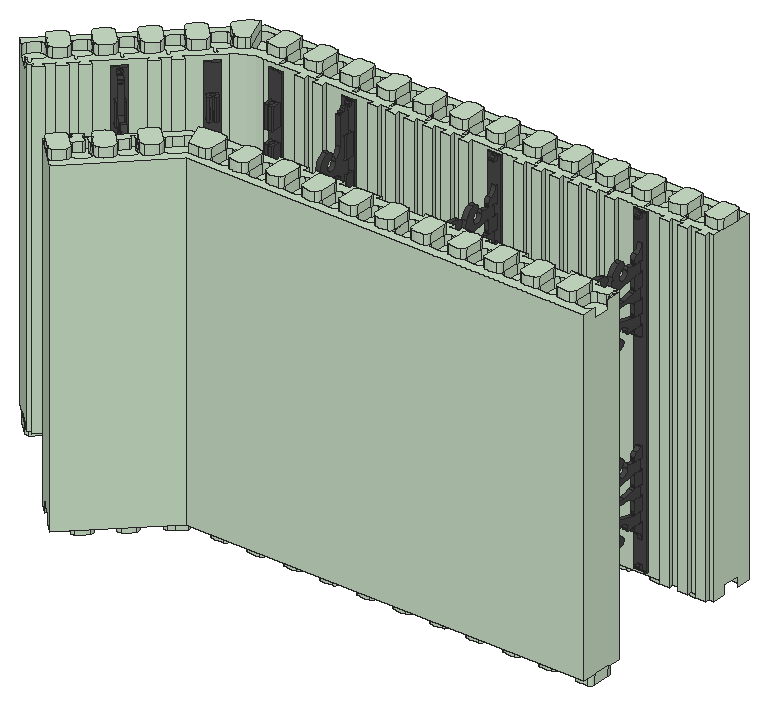
Revit family
Parameters (values of type "6-inch 45 Degree Form Unit")
  URL = "www.nudura.com"
  Overall Form Thickness = 0' - 11 1/4"
  Model = "6-inch 90 Degree Form Unit"
  Manufacturer = "NUDURA Corporation"
  Description = ""
  Concrete Core Thickness = 0' - 6"
  Assembly Code = ""
Reference planes (in)
  plane 1 "Center (Front/Back)": y = 0
  plane 2: z = 0
  plane 3 "Center (Left/Right)": x = 0
  plane 4: y = 3
  plane 5: y = -3
  plane 6: through (-1.24264, 3, 48) normal (0.7071, -0.7071, 0)
  plane 7: through (4.67464, 4.67464, 48) normal (0.7071, -0.7071, 0)
  plane 8: through (6.79596, 2.55332, 48) normal (0.7071, -0.7071, 0)
  plane 9: z = 18
Forms (in)
  Extrusion 1, solid, material "NUDURA Expanded Polystyrene Foam Insulation"
    sketch origin (0, 0, 0) x (1, 0, 0) y (0, 1, 0)
      loop
        line (-2.32995, 5.625) -> (-9.77647, -1.82151) -> (-8.09709, -3.50089) -> (-7.89827, -3.30208) -> (-7.76557, -3.52293) -> (-7.36794, -3.1253) -> (-7.58879, -2.9926) -> (-7.19117, -2.59497) -> (-7.05846, -2.81582) -> (-6.66084, -2.41819) -> (-6.88169, -2.28549) -> (-6.48406, -1.88786) -> (-6.35136, -2.10872) -> (-5.95373, -1.71109) -> (-6.17458, -1.57839) -> (-4.36274, 0.23346) -> (-4.23004, 0.0126) -> (-3.83241, 0.41023) -> (-4.05326, 0.54293) -> (-3.65563, 0.94056) -> (-3.52293, 0.71971) -> (-3.1253, 1.11734) -> (-3.34615, 1.25004) -> (-1.93198, 2.66421)
        arc (-1.93198, 2.66421) -> (-1.28313, 3.09776) -> (-0.51777, 3.25) r 2
        line (-0.51777, 3.25) -> (1.48218, 3.25) -> (1.41984, 3) -> (1.98218, 3) -> (1.91984, 3.25) -> (2.48218, 3.25) -> (2.41984, 3) -> (2.98218, 3) -> (2.91984, 3.25) -> (5.48218, 3.25) -> (5.41984, 3) -> (5.98218, 3) -> (5.91984, 3.25) -> (6.48218, 3.25) -> (6.41984, 3) -> (6.98218, 3) -> (6.91984, 3.25) -> (7.48218, 3.25) -> (7.41984, 3) -> (7.98218, 3) -> (7.91984, 3.25) -> (8.48218, 3.25) -> (8.41984, 3) -> (8.98218, 3) -> (8.91984, 3.25) -> (9.48218, 3.25) -> (9.41984, 3) -> (9.98218, 3) -> (9.91984, 3.25) -> (10.48218, 3.25) -> (10.41984, 3) -> (10.98218, 3) -> (10.91984, 3.25) -> (13.48218, 3.25) -> (13.41984, 3) -> (13.98218, 3) -> (13.91984, 3.25) -> (14.48218, 3.25) -> (14.41984, 3) -> (14.98218, 3) -> (14.91984, 3.25) -> (15.48218, 3.25) -> (15.41984, 3) -> (15.98218, 3) -> (15.91984, 3.25) -> (16.48218, 3.25) -> (16.41984, 3) -> (16.98218, 3) -> (16.91984, 3.25) -> (17.48218, 3.25) -> (17.41984, 3) -> (17.98218, 3) -> (17.91984, 3.25) -> (18.48218, 3.25) -> (18.41984, 3) -> (18.98218, 3) -> (18.91984, 3.25) -> (21.48218, 3.25) -> (21.41984, 3) -> (21.98218, 3) -> (21.91984, 3.25) -> (22.48218, 3.25) -> (22.41984, 3) -> (22.98218, 3) -> (22.91984, 3.25) -> (23.48218, 3.25) -> (23.41984, 3) -> (23.98218, 3) -> (23.91984, 3.25) -> (24.20101, 3.25) -> (24.20101, 5.625) -> (-2.32995, 5.625)
      loop
        line (24.20101, -3.25) -> (23.91984, -3.25) -> (23.98218, -3) -> (23.41984, -3) -> (23.48218, -3.25) -> (22.91984, -3.25) -> (22.98218, -3) -> (22.41984, -3) -> (22.48218, -3.25) -> (21.91984, -3.25) -> (21.98218, -3) -> (21.41984, -3) -> (21.48218, -3.25) -> (18.91984, -3.25) -> (18.98218, -3) -> (18.41984, -3) -> (18.48218, -3.25) -> (17.91984, -3.25) -> (17.98218, -3) -> (17.41984, -3) -> (17.48218, -3.25) -> (16.91984, -3.25) -> (16.98218, -3) -> (16.41984, -3) -> (16.48218, -3.25) -> (15.91984, -3.25) -> (15.98218, -3) -> (15.41984, -3) -> (15.48218, -3.25) -> (14.91984, -3.25) -> (14.98218, -3) -> (14.41984, -3) -> (14.48218, -3.25) -> (13.91984, -3.25) -> (13.98218, -3) -> (13.41984, -3) -> (13.48218, -3.25) -> (10.91984, -3.25) -> (10.98218, -3) -> (10.41984, -3) -> (10.48218, -3.25) -> (9.91984, -3.25) -> (9.98218, -3) -> (9.41984, -3) -> (9.48218, -3.25) -> (8.91984, -3.25) -> (8.98218, -3) -> (8.41984, -3) -> (8.48218, -3.25) -> (7.91984, -3.25) -> (7.98218, -3) -> (7.41984, -3) -> (7.48218, -3.25) -> (6.91984, -3.25) -> (6.98218, -3) -> (6.41984, -3) -> (6.48218, -3.25) -> (5.91984, -3.25) -> (5.98218, -3) -> (5.41984, -3) -> (5.48218, -3.25) -> (2.17462, -3.25)
        arc (2.17462, -3.25) -> (1.40925, -3.40224) -> (0.76041, -3.83579) r 2
        line (0.76041, -3.83579) -> (-1.57839, -6.17458) -> (-1.71109, -5.95373) -> (-2.10872, -6.35136) -> (-1.88786, -6.48406) -> (-2.28549, -6.88169) -> (-2.41819, -6.66084) -> (-2.81582, -7.05846) -> (-2.59497, -7.19117) -> (-2.9926, -7.58879) -> (-3.1253, -7.36794) -> (-3.52293, -7.76557) -> (-3.30208, -7.89827) -> (-3.50089, -8.09709) -> (-1.82151, -9.77647) -> (2.32995, -5.625) -> (24.20101, -5.625) -> (24.20101, -3.25)
    from 0 to 18
  Extrusion 2, solid, material "NUDURA Expanded Polystyrene Foam Insulation"
    sketch origin (0, 0, 0) x (1, 0, 0) y (0, 1, 0)
      loop
        line (1.57668, -3.80644) -> (2.14873, -5.1875) -> (2.70101, -5.1875)
        arc (2.70101, -5.1875) -> (2.86649, -5.17453) -> (3.02793, -5.13595) r 1.0625
        arc (3.02793, -5.13595) -> (3.15316, -5.04517) -> (3.20101, -4.89808) r 0.25
        line (3.20101, -4.89808) -> (3.20101, -3.97692)
        arc (3.20101, -3.97692) -> (3.15316, -3.82983) -> (3.02793, -3.73905) r 0.25
        arc (3.02793, -3.73905) -> (2.86649, -3.70047) -> (2.70101, -3.6875) r 1.0625
        line (2.70101, -3.6875) -> (2.17462, -3.6875)
        arc (2.17462, -3.6875) -> (1.86979, -3.71752) -> (1.57668, -3.80644) r 1.5625
    from 18 to 18.5
  Extrusion 3, solid, material "NUDURA Expanded Polystyrene Foam Insulation"
    sketch origin (0, 0, 0) x (1, 0, 0) y (0, 1, 0)
      loop
        line (-1.52741, 3.6875) -> (-2.09947, 5.06856)
        arc (-2.09947, 5.06856) -> (-2.3696, 4.92417) -> (-2.60638, 4.72985) r 1.5625
        line (-2.60638, 4.72985) -> (-2.74959, 4.58664)
        arc (-2.74959, 4.58664) -> (-2.85744, 4.46046) -> (-2.94431, 4.31902) r 1.0625
        arc (-2.94431, 4.31902) -> (-2.96867, 4.16628) -> (-2.8985, 4.02844) r 0.25
        line (-2.8985, 4.02844) -> (-2.24713, 3.37708)
        arc (-2.24713, 3.37708) -> (-2.10929, 3.3069) -> (-1.95655, 3.33126) r 0.25
        arc (-1.95655, 3.33126) -> (-1.81511, 3.41814) -> (-1.68893, 3.52598) r 1.0625
        line (-1.68893, 3.52598) -> (-1.52741, 3.6875)
    from 18 to 18.5
  Extrusion 4, solid, material "NUDURA Expanded Polystyrene Foam Insulation"
    sketch origin (0, 0, 0) x (1, 0, 0) y (0, 1, 0)
      loop
        line (-1.52741, 3.6875) -> (-1.29899, 3.6875)
        arc (-1.29899, 3.6875) -> (-1.13351, 3.70047) -> (-0.97207, 3.73905) r 1.0625
        arc (-0.97207, 3.73905) -> (-0.84684, 3.82983) -> (-0.79899, 3.97692) r 0.25
        line (-0.79899, 3.97692) -> (-0.79899, 4.89808)
        arc (-0.79899, 4.89808) -> (-0.84684, 5.04517) -> (-0.97207, 5.13595) r 0.25
        arc (-0.97207, 5.13595) -> (-1.13351, 5.17453) -> (-1.29899, 5.1875) r 1.0625
        line (-1.29899, 5.1875) -> (-1.50152, 5.1875)
        arc (-1.50152, 5.1875) -> (-1.80635, 5.15748) -> (-2.09947, 5.06856) r 1.5625
        line (-2.09947, 5.06856) -> (-1.52741, 3.6875)
    from 0 to -0.5
  Extrusion 5, solid, material "NUDURA Expanded Polystyrene Foam Insulation"
    sketch origin (0, 0, 0) x (1, 0, 0) y (0, 1, 0)
      loop
        line (0.54865, -5.07556) -> (1.20001, -5.72692)
        arc (1.20001, -5.72692) -> (1.33785, -5.7971) -> (1.4906, -5.77274) r 0.25
        arc (1.4906, -5.77274) -> (1.63203, -5.68586) -> (1.75821, -5.57802) r 1.0625
        line (1.75821, -5.57802) -> (2.14873, -5.1875) -> (1.57668, -3.80644)
        arc (1.57668, -3.80644) -> (1.30654, -3.95083) -> (1.06977, -4.14515) r 1.5625
        line (1.06977, -4.14515) -> (0.69755, -4.51736)
        arc (0.69755, -4.51736) -> (0.58971, -4.64354) -> (0.50283, -4.78498) r 1.0625
        arc (0.50283, -4.78498) -> (0.47848, -4.93772) -> (0.54865, -5.07556) r 0.25
    from 0 to -0.5
  Extrusion 6, void
    sketch origin (0, 0, 0) x (1, 0, 0) y (0, 1, 0)
      loop
        arc (-1.33783, -8.60117) -> (-1.07021, -8.40645) -> (-0.87549, -8.13883) r 1.0625
        arc (-0.87549, -8.13883) -> (-0.85114, -7.98608) -> (-0.92131, -7.84824) r 0.25
        line (-0.92131, -7.84824) -> (-1.57267, -7.19688)
        arc (-1.57267, -7.19688) -> (-1.64938, -7.14456) -> (-1.7399, -7.12384) r 0.25
        arc (-1.7399, -7.12384) -> (-1.76253, -7.11866) -> (-1.78171, -7.10558) r 0.0625
        line (-1.78171, -7.10558) -> (-2.02643, -6.86086) -> (-2.14723, -6.98165) -> (-1.99053, -7.13835)
        arc (-1.99053, -7.13835) -> (-1.97244, -7.18765) -> (-1.99833, -7.23335) r 0.0625
        arc (-1.99833, -7.23335) -> (-2.18471, -7.40379) -> (-2.32559, -7.6134) r 1.0625
        arc (-2.32559, -7.6134) -> (-2.34995, -7.76615) -> (-2.27978, -7.90399) r 0.25
        line (-2.27978, -7.90399) -> (-1.62842, -8.55535)
        arc (-1.62842, -8.55535) -> (-1.49058, -8.62552) -> (-1.33783, -8.60117) r 0.25
    from 18 to 17.5
  Extrusion 7, void
    sketch origin (1.41421, 1.41421, 0) x (1, 0, 0) y (0, 1, 0)
      loop
        arc (-1.33783, -8.60117) -> (-1.07021, -8.40645) -> (-0.87549, -8.13883) r 1.0625
        arc (-0.87549, -8.13883) -> (-0.85114, -7.98608) -> (-0.92131, -7.84824) r 0.25
        line (-0.92131, -7.84824) -> (-1.57267, -7.19688)
        arc (-1.57267, -7.19688) -> (-1.64938, -7.14456) -> (-1.7399, -7.12384) r 0.25
        arc (-1.7399, -7.12384) -> (-1.76253, -7.11866) -> (-1.78171, -7.10558) r 0.0625
        line (-1.78171, -7.10558) -> (-2.02643, -6.86086) -> (-2.14723, -6.98165) -> (-1.99053, -7.13835)
        arc (-1.99053, -7.13835) -> (-1.97244, -7.18765) -> (-1.99833, -7.23335) r 0.0625
        arc (-1.99833, -7.23335) -> (-2.18471, -7.40379) -> (-2.32559, -7.6134) r 1.0625
        arc (-2.32559, -7.6134) -> (-2.34995, -7.76615) -> (-2.27978, -7.90399) r 0.25
        line (-2.27978, -7.90399) -> (-1.62842, -8.55535)
        arc (-1.62842, -8.55535) -> (-1.49058, -8.62552) -> (-1.33783, -8.60117) r 0.25
    from 18 to 17.5
  Extrusion 8, void
    sketch origin (10.40202, 0, 0) x (0.707107, -0.707107, 0) y (0.707107, 0.707107, 0)
      loop
        arc (-1.33783, -8.60117) -> (-1.07021, -8.40645) -> (-0.87549, -8.13883) r 1.0625
        arc (-0.87549, -8.13883) -> (-0.85114, -7.98608) -> (-0.92131, -7.84824) r 0.25
        line (-0.92131, -7.84824) -> (-1.57267, -7.19688)
        arc (-1.57267, -7.19688) -> (-1.64938, -7.14456) -> (-1.7399, -7.12384) r 0.25
        arc (-1.7399, -7.12384) -> (-1.76253, -7.11866) -> (-1.78171, -7.10558) r 0.0625
        line (-1.78171, -7.10558) -> (-2.02643, -6.86086) -> (-2.14723, -6.98165) -> (-1.99053, -7.13835)
        arc (-1.99053, -7.13835) -> (-1.97244, -7.18765) -> (-1.99833, -7.23335) r 0.0625
        arc (-1.99833, -7.23335) -> (-2.18471, -7.40379) -> (-2.32559, -7.6134) r 1.0625
        arc (-2.32559, -7.6134) -> (-2.34995, -7.76615) -> (-2.27978, -7.90399) r 0.25
        line (-2.27978, -7.90399) -> (-1.62842, -8.55535)
        arc (-1.62842, -8.55535) -> (-1.49058, -8.62552) -> (-1.33783, -8.60117) r 0.25
    from 18 to 17.5
  Extrusion 9, void
    sketch origin (12.40202, 0, 0) x (0.707107, -0.707107, 0) y (0.707107, 0.707107, 0)
      loop
        arc (-1.33783, -8.60117) -> (-1.07021, -8.40645) -> (-0.87549, -8.13883) r 1.0625
        arc (-0.87549, -8.13883) -> (-0.85114, -7.98608) -> (-0.92131, -7.84824) r 0.25
        line (-0.92131, -7.84824) -> (-1.57267, -7.19688)
        arc (-1.57267, -7.19688) -> (-1.64938, -7.14456) -> (-1.7399, -7.12384) r 0.25
        arc (-1.7399, -7.12384) -> (-1.76253, -7.11866) -> (-1.78171, -7.10558) r 0.0625
        line (-1.78171, -7.10558) -> (-2.02643, -6.86086) -> (-2.14723, -6.98165) -> (-1.99053, -7.13835)
        arc (-1.99053, -7.13835) -> (-1.97244, -7.18765) -> (-1.99833, -7.23335) r 0.0625
        arc (-1.99833, -7.23335) -> (-2.18471, -7.40379) -> (-2.32559, -7.6134) r 1.0625
        arc (-2.32559, -7.6134) -> (-2.34995, -7.76615) -> (-2.27978, -7.90399) r 0.25
        line (-2.27978, -7.90399) -> (-1.62842, -8.55535)
        arc (-1.62842, -8.55535) -> (-1.49058, -8.62552) -> (-1.33783, -8.60117) r 0.25
    from 18 to 17.5
  Extrusion 10, void
    sketch origin (14.40202, 0, 0) x (0.707107, -0.707107, 0) y (0.707107, 0.707107, 0)
      loop
        arc (-1.33783, -8.60117) -> (-1.07021, -8.40645) -> (-0.87549, -8.13883) r 1.0625
        arc (-0.87549, -8.13883) -> (-0.85114, -7.98608) -> (-0.92131, -7.84824) r 0.25
        line (-0.92131, -7.84824) -> (-1.57267, -7.19688)
        arc (-1.57267, -7.19688) -> (-1.64938, -7.14456) -> (-1.7399, -7.12384) r 0.25
        arc (-1.7399, -7.12384) -> (-1.76253, -7.11866) -> (-1.78171, -7.10558) r 0.0625
        line (-1.78171, -7.10558) -> (-2.02643, -6.86086) -> (-2.14723, -6.98165) -> (-1.99053, -7.13835)
        arc (-1.99053, -7.13835) -> (-1.97244, -7.18765) -> (-1.99833, -7.23335) r 0.0625
        arc (-1.99833, -7.23335) -> (-2.18471, -7.40379) -> (-2.32559, -7.6134) r 1.0625
        arc (-2.32559, -7.6134) -> (-2.34995, -7.76615) -> (-2.27978, -7.90399) r 0.25
        line (-2.27978, -7.90399) -> (-1.62842, -8.55535)
        arc (-1.62842, -8.55535) -> (-1.49058, -8.62552) -> (-1.33783, -8.60117) r 0.25
    from 18 to 17.5
  Extrusion 11, void
    sketch origin (16.40202, 0, 0) x (0.707107, -0.707107, 0) y (0.707107, 0.707107, 0)
      loop
        arc (-1.33783, -8.60117) -> (-1.07021, -8.40645) -> (-0.87549, -8.13883) r 1.0625
        arc (-0.87549, -8.13883) -> (-0.85114, -7.98608) -> (-0.92131, -7.84824) r 0.25
        line (-0.92131, -7.84824) -> (-1.57267, -7.19688)
        arc (-1.57267, -7.19688) -> (-1.64938, -7.14456) -> (-1.7399, -7.12384) r 0.25
        arc (-1.7399, -7.12384) -> (-1.76253, -7.11866) -> (-1.78171, -7.10558) r 0.0625
        line (-1.78171, -7.10558) -> (-2.02643, -6.86086) -> (-2.14723, -6.98165) -> (-1.99053, -7.13835)
        arc (-1.99053, -7.13835) -> (-1.97244, -7.18765) -> (-1.99833, -7.23335) r 0.0625
        arc (-1.99833, -7.23335) -> (-2.18471, -7.40379) -> (-2.32559, -7.6134) r 1.0625
        arc (-2.32559, -7.6134) -> (-2.34995, -7.76615) -> (-2.27978, -7.90399) r 0.25
        line (-2.27978, -7.90399) -> (-1.62842, -8.55535)
        arc (-1.62842, -8.55535) -> (-1.49058, -8.62552) -> (-1.33783, -8.60117) r 0.25
    from 18 to 17.5
  Extrusion 12, void
    sketch origin (18.40202, 0, 0) x (0.707107, -0.707107, 0) y (0.707107, 0.707107, 0)
      loop
        arc (-1.33783, -8.60117) -> (-1.07021, -8.40645) -> (-0.87549, -8.13883) r 1.0625
        arc (-0.87549, -8.13883) -> (-0.85114, -7.98608) -> (-0.92131, -7.84824) r 0.25
        line (-0.92131, -7.84824) -> (-1.57267, -7.19688)
        arc (-1.57267, -7.19688) -> (-1.64938, -7.14456) -> (-1.7399, -7.12384) r 0.25
        arc (-1.7399, -7.12384) -> (-1.76253, -7.11866) -> (-1.78171, -7.10558) r 0.0625
        line (-1.78171, -7.10558) -> (-2.02643, -6.86086) -> (-2.14723, -6.98165) -> (-1.99053, -7.13835)
        arc (-1.99053, -7.13835) -> (-1.97244, -7.18765) -> (-1.99833, -7.23335) r 0.0625
        arc (-1.99833, -7.23335) -> (-2.18471, -7.40379) -> (-2.32559, -7.6134) r 1.0625
        arc (-2.32559, -7.6134) -> (-2.34995, -7.76615) -> (-2.27978, -7.90399) r 0.25
        line (-2.27978, -7.90399) -> (-1.62842, -8.55535)
        arc (-1.62842, -8.55535) -> (-1.49058, -8.62552) -> (-1.33783, -8.60117) r 0.25
    from 18 to 17.5
  Extrusion 13, void
    sketch origin (20.40202, 0, 0) x (0.707107, -0.707107, 0) y (0.707107, 0.707107, 0)
      loop
        arc (-1.33783, -8.60117) -> (-1.07021, -8.40645) -> (-0.87549, -8.13883) r 1.0625
        arc (-0.87549, -8.13883) -> (-0.85114, -7.98608) -> (-0.92131, -7.84824) r 0.25
        line (-0.92131, -7.84824) -> (-1.57267, -7.19688)
        arc (-1.57267, -7.19688) -> (-1.64938, -7.14456) -> (-1.7399, -7.12384) r 0.25
        arc (-1.7399, -7.12384) -> (-1.76253, -7.11866) -> (-1.78171, -7.10558) r 0.0625
        line (-1.78171, -7.10558) -> (-2.02643, -6.86086) -> (-2.14723, -6.98165) -> (-1.99053, -7.13835)
        arc (-1.99053, -7.13835) -> (-1.97244, -7.18765) -> (-1.99833, -7.23335) r 0.0625
        arc (-1.99833, -7.23335) -> (-2.18471, -7.40379) -> (-2.32559, -7.6134) r 1.0625
        arc (-2.32559, -7.6134) -> (-2.34995, -7.76615) -> (-2.27978, -7.90399) r 0.25
        line (-2.27978, -7.90399) -> (-1.62842, -8.55535)
        arc (-1.62842, -8.55535) -> (-1.49058, -8.62552) -> (-1.33783, -8.60117) r 0.25
    from 18 to 17.5
  Extrusion 14, void
    sketch origin (22.40202, 0, 0) x (0.707107, -0.707107, 0) y (0.707107, 0.707107, 0)
      loop
        arc (-1.33783, -8.60117) -> (-1.07021, -8.40645) -> (-0.87549, -8.13883) r 1.0625
        arc (-0.87549, -8.13883) -> (-0.85114, -7.98608) -> (-0.92131, -7.84824) r 0.25
        line (-0.92131, -7.84824) -> (-1.57267, -7.19688)
        arc (-1.57267, -7.19688) -> (-1.64938, -7.14456) -> (-1.7399, -7.12384) r 0.25
        arc (-1.7399, -7.12384) -> (-1.76253, -7.11866) -> (-1.78171, -7.10558) r 0.0625
        line (-1.78171, -7.10558) -> (-2.02643, -6.86086) -> (-2.14723, -6.98165) -> (-1.99053, -7.13835)
        arc (-1.99053, -7.13835) -> (-1.97244, -7.18765) -> (-1.99833, -7.23335) r 0.0625
        arc (-1.99833, -7.23335) -> (-2.18471, -7.40379) -> (-2.32559, -7.6134) r 1.0625
        arc (-2.32559, -7.6134) -> (-2.34995, -7.76615) -> (-2.27978, -7.90399) r 0.25
        line (-2.27978, -7.90399) -> (-1.62842, -8.55535)
        arc (-1.62842, -8.55535) -> (-1.49058, -8.62552) -> (-1.33783, -8.60117) r 0.25
    from 18 to 17.5
  Extrusion 15, void
    sketch origin (24.40202, 0, 0) x (0.707107, -0.707107, 0) y (0.707107, 0.707107, 0)
      loop
        arc (-1.33783, -8.60117) -> (-1.07021, -8.40645) -> (-0.87549, -8.13883) r 1.0625
        arc (-0.87549, -8.13883) -> (-0.85114, -7.98608) -> (-0.92131, -7.84824) r 0.25
        line (-0.92131, -7.84824) -> (-1.57267, -7.19688)
        arc (-1.57267, -7.19688) -> (-1.64938, -7.14456) -> (-1.7399, -7.12384) r 0.25
        arc (-1.7399, -7.12384) -> (-1.76253, -7.11866) -> (-1.78171, -7.10558) r 0.0625
        line (-1.78171, -7.10558) -> (-2.02643, -6.86086) -> (-2.14723, -6.98165) -> (-1.99053, -7.13835)
        arc (-1.99053, -7.13835) -> (-1.97244, -7.18765) -> (-1.99833, -7.23335) r 0.0625
        arc (-1.99833, -7.23335) -> (-2.18471, -7.40379) -> (-2.32559, -7.6134) r 1.0625
        arc (-2.32559, -7.6134) -> (-2.34995, -7.76615) -> (-2.27978, -7.90399) r 0.25
        line (-2.27978, -7.90399) -> (-1.62842, -8.55535)
        arc (-1.62842, -8.55535) -> (-1.49058, -8.62552) -> (-1.33783, -8.60117) r 0.25
    from 18 to 17.5
  Extrusion 16, void
    sketch origin (26.40202, 0, 0) x (0.707107, -0.707107, 0) y (0.707107, 0.707107, 0)
      loop
        arc (-1.33783, -8.60117) -> (-1.07021, -8.40645) -> (-0.87549, -8.13883) r 1.0625
        arc (-0.87549, -8.13883) -> (-0.85114, -7.98608) -> (-0.92131, -7.84824) r 0.25
        line (-0.92131, -7.84824) -> (-1.57267, -7.19688)
        arc (-1.57267, -7.19688) -> (-1.64938, -7.14456) -> (-1.7399, -7.12384) r 0.25
        arc (-1.7399, -7.12384) -> (-1.76253, -7.11866) -> (-1.78171, -7.10558) r 0.0625
        line (-1.78171, -7.10558) -> (-2.02643, -6.86086) -> (-2.14723, -6.98165) -> (-1.99053, -7.13835)
        arc (-1.99053, -7.13835) -> (-1.97244, -7.18765) -> (-1.99833, -7.23335) r 0.0625
        arc (-1.99833, -7.23335) -> (-2.18471, -7.40379) -> (-2.32559, -7.6134) r 1.0625
        arc (-2.32559, -7.6134) -> (-2.34995, -7.76615) -> (-2.27978, -7.90399) r 0.25
        line (-2.27978, -7.90399) -> (-1.62842, -8.55535)
        arc (-1.62842, -8.55535) -> (-1.49058, -8.62552) -> (-1.33783, -8.60117) r 0.25
    from 18 to 17.5
  Extrusion 17, void
    sketch origin (28.40202, 0, 0) x (0.707107, -0.707107, 0) y (0.707107, 0.707107, 0)
      loop
        arc (-1.33783, -8.60117) -> (-1.07021, -8.40645) -> (-0.87549, -8.13883) r 1.0625
        arc (-0.87549, -8.13883) -> (-0.85114, -7.98608) -> (-0.92131, -7.84824) r 0.25
        line (-0.92131, -7.84824) -> (-1.57267, -7.19688)
        arc (-1.57267, -7.19688) -> (-1.64938, -7.14456) -> (-1.7399, -7.12384) r 0.25
        arc (-1.7399, -7.12384) -> (-1.76253, -7.11866) -> (-1.78171, -7.10558) r 0.0625
        line (-1.78171, -7.10558) -> (-2.02643, -6.86086) -> (-2.14723, -6.98165) -> (-1.99053, -7.13835)
        arc (-1.99053, -7.13835) -> (-1.97244, -7.18765) -> (-1.99833, -7.23335) r 0.0625
        arc (-1.99833, -7.23335) -> (-2.18471, -7.40379) -> (-2.32559, -7.6134) r 1.0625
        arc (-2.32559, -7.6134) -> (-2.34995, -7.76615) -> (-2.27978, -7.90399) r 0.25
        line (-2.27978, -7.90399) -> (-1.62842, -8.55535)
        arc (-1.62842, -8.55535) -> (-1.49058, -8.62552) -> (-1.33783, -8.60117) r 0.25
    from 18 to 17.5
  Extrusion 18, void
    sketch origin (30.40202, 0, 0) x (0.707107, -0.707107, 0) y (0.707107, 0.707107, 0)
      loop
        arc (-1.33783, -8.60117) -> (-1.07021, -8.40645) -> (-0.87549, -8.13883) r 1.0625
        arc (-0.87549, -8.13883) -> (-0.85114, -7.98608) -> (-0.92131, -7.84824) r 0.25
        line (-0.92131, -7.84824) -> (-1.57267, -7.19688)
        arc (-1.57267, -7.19688) -> (-1.64938, -7.14456) -> (-1.7399, -7.12384) r 0.25
        arc (-1.7399, -7.12384) -> (-1.76253, -7.11866) -> (-1.78171, -7.10558) r 0.0625
        line (-1.78171, -7.10558) -> (-2.02643, -6.86086) -> (-2.14723, -6.98165) -> (-1.99053, -7.13835)
        arc (-1.99053, -7.13835) -> (-1.97244, -7.18765) -> (-1.99833, -7.23335) r 0.0625
        arc (-1.99833, -7.23335) -> (-2.18471, -7.40379) -> (-2.32559, -7.6134) r 1.0625
        arc (-2.32559, -7.6134) -> (-2.34995, -7.76615) -> (-2.27978, -7.90399) r 0.25
        line (-2.27978, -7.90399) -> (-1.62842, -8.55535)
        arc (-1.62842, -8.55535) -> (-1.49058, -8.62552) -> (-1.33783, -8.60117) r 0.25
    from 18 to 17.5
  Extrusion 19, void
    sketch origin (14, 0, 0) x (-0.707107, 0.707107, 0) y (-0.707107, -0.707107, 0)
      loop
        arc (-1.33783, -8.60117) -> (-1.07021, -8.40645) -> (-0.87549, -8.13883) r 1.0625
        arc (-0.87549, -8.13883) -> (-0.85114, -7.98608) -> (-0.92131, -7.84824) r 0.25
        line (-0.92131, -7.84824) -> (-1.57267, -7.19688)
        arc (-1.57267, -7.19688) -> (-1.64938, -7.14456) -> (-1.7399, -7.12384) r 0.25
        arc (-1.7399, -7.12384) -> (-1.76253, -7.11866) -> (-1.78171, -7.10558) r 0.0625
        line (-1.78171, -7.10558) -> (-2.02643, -6.86086) -> (-2.14723, -6.98165) -> (-1.99053, -7.13835)
        arc (-1.99053, -7.13835) -> (-1.97244, -7.18765) -> (-1.99833, -7.23335) r 0.0625
        arc (-1.99833, -7.23335) -> (-2.18471, -7.40379) -> (-2.32559, -7.6134) r 1.0625
        arc (-2.32559, -7.6134) -> (-2.34995, -7.76615) -> (-2.27978, -7.90399) r 0.25
        line (-2.27978, -7.90399) -> (-1.62842, -8.55535)
        arc (-1.62842, -8.55535) -> (-1.49058, -8.62552) -> (-1.33783, -8.60117) r 0.25
    from 18 to 17.5
  Extrusion 20, void
    sketch origin (16, 0, 0) x (-0.707107, 0.707107, 0) y (-0.707107, -0.707107, 0)
      loop
        arc (-1.33783, -8.60117) -> (-1.07021, -8.40645) -> (-0.87549, -8.13883) r 1.0625
        arc (-0.87549, -8.13883) -> (-0.85114, -7.98608) -> (-0.92131, -7.84824) r 0.25
        line (-0.92131, -7.84824) -> (-1.57267, -7.19688)
        arc (-1.57267, -7.19688) -> (-1.64938, -7.14456) -> (-1.7399, -7.12384) r 0.25
        arc (-1.7399, -7.12384) -> (-1.76253, -7.11866) -> (-1.78171, -7.10558) r 0.0625
        line (-1.78171, -7.10558) -> (-2.02643, -6.86086) -> (-2.14723, -6.98165) -> (-1.99053, -7.13835)
        arc (-1.99053, -7.13835) -> (-1.97244, -7.18765) -> (-1.99833, -7.23335) r 0.0625
        arc (-1.99833, -7.23335) -> (-2.18471, -7.40379) -> (-2.32559, -7.6134) r 1.0625
        arc (-2.32559, -7.6134) -> (-2.34995, -7.76615) -> (-2.27978, -7.90399) r 0.25
        line (-2.27978, -7.90399) -> (-1.62842, -8.55535)
        arc (-1.62842, -8.55535) -> (-1.49058, -8.62552) -> (-1.33783, -8.60117) r 0.25
    from 18 to 17.5
  Extrusion 21, void
    sketch origin (12, 0, 0) x (-0.707107, 0.707107, 0) y (-0.707107, -0.707107, 0)
      loop
        arc (-1.33783, -8.60117) -> (-1.07021, -8.40645) -> (-0.87549, -8.13883) r 1.0625
        arc (-0.87549, -8.13883) -> (-0.85114, -7.98608) -> (-0.92131, -7.84824) r 0.25
        line (-0.92131, -7.84824) -> (-1.57267, -7.19688)
        arc (-1.57267, -7.19688) -> (-1.64938, -7.14456) -> (-1.7399, -7.12384) r 0.25
        arc (-1.7399, -7.12384) -> (-1.76253, -7.11866) -> (-1.78171, -7.10558) r 0.0625
        line (-1.78171, -7.10558) -> (-2.02643, -6.86086) -> (-2.14723, -6.98165) -> (-1.99053, -7.13835)
        arc (-1.99053, -7.13835) -> (-1.97244, -7.18765) -> (-1.99833, -7.23335) r 0.0625
        arc (-1.99833, -7.23335) -> (-2.18471, -7.40379) -> (-2.32559, -7.6134) r 1.0625
        arc (-2.32559, -7.6134) -> (-2.34995, -7.76615) -> (-2.27978, -7.90399) r 0.25
        line (-2.27978, -7.90399) -> (-1.62842, -8.55535)
        arc (-1.62842, -8.55535) -> (-1.49058, -8.62552) -> (-1.33783, -8.60117) r 0.25
    from 18 to 17.5
  Extrusion 22, void
    sketch origin (10, 0, 0) x (-0.707107, 0.707107, 0) y (-0.707107, -0.707107, 0)
      loop
        arc (-1.33783, -8.60117) -> (-1.07021, -8.40645) -> (-0.87549, -8.13883) r 1.0625
        arc (-0.87549, -8.13883) -> (-0.85114, -7.98608) -> (-0.92131, -7.84824) r 0.25
        line (-0.92131, -7.84824) -> (-1.57267, -7.19688)
        arc (-1.57267, -7.19688) -> (-1.64938, -7.14456) -> (-1.7399, -7.12384) r 0.25
        arc (-1.7399, -7.12384) -> (-1.76253, -7.11866) -> (-1.78171, -7.10558) r 0.0625
        line (-1.78171, -7.10558) -> (-2.02643, -6.86086) -> (-2.14723, -6.98165) -> (-1.99053, -7.13835)
        arc (-1.99053, -7.13835) -> (-1.97244, -7.18765) -> (-1.99833, -7.23335) r 0.0625
        arc (-1.99833, -7.23335) -> (-2.18471, -7.40379) -> (-2.32559, -7.6134) r 1.0625
        arc (-2.32559, -7.6134) -> (-2.34995, -7.76615) -> (-2.27978, -7.90399) r 0.25
        line (-2.27978, -7.90399) -> (-1.62842, -8.55535)
        arc (-1.62842, -8.55535) -> (-1.49058, -8.62552) -> (-1.33783, -8.60117) r 0.25
    from 18 to 17.5
  Extrusion 23, void
    sketch origin (8, 0, 0) x (-0.707107, 0.707107, 0) y (-0.707107, -0.707107, 0)
      loop
        arc (-1.33783, -8.60117) -> (-1.07021, -8.40645) -> (-0.87549, -8.13883) r 1.0625
        arc (-0.87549, -8.13883) -> (-0.85114, -7.98608) -> (-0.92131, -7.84824) r 0.25
        line (-0.92131, -7.84824) -> (-1.57267, -7.19688)
        arc (-1.57267, -7.19688) -> (-1.64938, -7.14456) -> (-1.7399, -7.12384) r 0.25
        arc (-1.7399, -7.12384) -> (-1.76253, -7.11866) -> (-1.78171, -7.10558) r 0.0625
        line (-1.78171, -7.10558) -> (-2.02643, -6.86086) -> (-2.14723, -6.98165) -> (-1.99053, -7.13835)
        arc (-1.99053, -7.13835) -> (-1.97244, -7.18765) -> (-1.99833, -7.23335) r 0.0625
        arc (-1.99833, -7.23335) -> (-2.18471, -7.40379) -> (-2.32559, -7.6134) r 1.0625
        arc (-2.32559, -7.6134) -> (-2.34995, -7.76615) -> (-2.27978, -7.90399) r 0.25
        line (-2.27978, -7.90399) -> (-1.62842, -8.55535)
        arc (-1.62842, -8.55535) -> (-1.49058, -8.62552) -> (-1.33783, -8.60117) r 0.25
    from 18 to 17.5
  Extrusion 24, void
    sketch origin (6, 0, 0) x (-0.707107, 0.707107, 0) y (-0.707107, -0.707107, 0)
      loop
        arc (-1.33783, -8.60117) -> (-1.07021, -8.40645) -> (-0.87549, -8.13883) r 1.0625
        arc (-0.87549, -8.13883) -> (-0.85114, -7.98608) -> (-0.92131, -7.84824) r 0.25
        line (-0.92131, -7.84824) -> (-1.57267, -7.19688)
        arc (-1.57267, -7.19688) -> (-1.64938, -7.14456) -> (-1.7399, -7.12384) r 0.25
        arc (-1.7399, -7.12384) -> (-1.76253, -7.11866) -> (-1.78171, -7.10558) r 0.0625
        line (-1.78171, -7.10558) -> (-2.02643, -6.86086) -> (-2.14723, -6.98165) -> (-1.99053, -7.13835)
        arc (-1.99053, -7.13835) -> (-1.97244, -7.18765) -> (-1.99833, -7.23335) r 0.0625
        arc (-1.99833, -7.23335) -> (-2.18471, -7.40379) -> (-2.32559, -7.6134) r 1.0625
        arc (-2.32559, -7.6134) -> (-2.34995, -7.76615) -> (-2.27978, -7.90399) r 0.25
        line (-2.27978, -7.90399) -> (-1.62842, -8.55535)
        arc (-1.62842, -8.55535) -> (-1.49058, -8.62552) -> (-1.33783, -8.60117) r 0.25
    from 18 to 17.5
  Extrusion 25, void
    sketch origin (4, 0, 0) x (-0.707107, 0.707107, 0) y (-0.707107, -0.707107, 0)
      loop
        arc (-1.33783, -8.60117) -> (-1.07021, -8.40645) -> (-0.87549, -8.13883) r 1.0625
        arc (-0.87549, -8.13883) -> (-0.85114, -7.98608) -> (-0.92131, -7.84824) r 0.25
        line (-0.92131, -7.84824) -> (-1.57267, -7.19688)
        arc (-1.57267, -7.19688) -> (-1.64938, -7.14456) -> (-1.7399, -7.12384) r 0.25
        arc (-1.7399, -7.12384) -> (-1.76253, -7.11866) -> (-1.78171, -7.10558) r 0.0625
        line (-1.78171, -7.10558) -> (-2.02643, -6.86086) -> (-2.14723, -6.98165) -> (-1.99053, -7.13835)
        arc (-1.99053, -7.13835) -> (-1.97244, -7.18765) -> (-1.99833, -7.23335) r 0.0625
        arc (-1.99833, -7.23335) -> (-2.18471, -7.40379) -> (-2.32559, -7.6134) r 1.0625
        arc (-2.32559, -7.6134) -> (-2.34995, -7.76615) -> (-2.27978, -7.90399) r 0.25
        line (-2.27978, -7.90399) -> (-1.62842, -8.55535)
        arc (-1.62842, -8.55535) -> (-1.49058, -8.62552) -> (-1.33783, -8.60117) r 0.25
    from 18 to 17.5
  Extrusion 26, void
    sketch origin (2, 0, 0) x (-0.707107, 0.707107, 0) y (-0.707107, -0.707107, 0)
      loop
        arc (-1.33783, -8.60117) -> (-1.07021, -8.40645) -> (-0.87549, -8.13883) r 1.0625
        arc (-0.87549, -8.13883) -> (-0.85114, -7.98608) -> (-0.92131, -7.84824) r 0.25
        line (-0.92131, -7.84824) -> (-1.57267, -7.19688)
        arc (-1.57267, -7.19688) -> (-1.64938, -7.14456) -> (-1.7399, -7.12384) r 0.25
        arc (-1.7399, -7.12384) -> (-1.76253, -7.11866) -> (-1.78171, -7.10558) r 0.0625
        line (-1.78171, -7.10558) -> (-2.02643, -6.86086) -> (-2.14723, -6.98165) -> (-1.99053, -7.13835)
        arc (-1.99053, -7.13835) -> (-1.97244, -7.18765) -> (-1.99833, -7.23335) r 0.0625
        arc (-1.99833, -7.23335) -> (-2.18471, -7.40379) -> (-2.32559, -7.6134) r 1.0625
        arc (-2.32559, -7.6134) -> (-2.34995, -7.76615) -> (-2.27978, -7.90399) r 0.25
        line (-2.27978, -7.90399) -> (-1.62842, -8.55535)
        arc (-1.62842, -8.55535) -> (-1.49058, -8.62552) -> (-1.33783, -8.60117) r 0.25
    from 18 to 17.5
  Extrusion 27, void
    sketch origin (0, 0, 0) x (-0.707107, 0.707107, 0) y (-0.707107, -0.707107, 0)
      loop
        arc (-1.33783, -8.60117) -> (-1.07021, -8.40645) -> (-0.87549, -8.13883) r 1.0625
        arc (-0.87549, -8.13883) -> (-0.85114, -7.98608) -> (-0.92131, -7.84824) r 0.25
        line (-0.92131, -7.84824) -> (-1.57267, -7.19688)
        arc (-1.57267, -7.19688) -> (-1.64938, -7.14456) -> (-1.7399, -7.12384) r 0.25
        arc (-1.7399, -7.12384) -> (-1.76253, -7.11866) -> (-1.78171, -7.10558) r 0.0625
        line (-1.78171, -7.10558) -> (-2.02643, -6.86086) -> (-2.14723, -6.98165) -> (-1.99053, -7.13835)
        arc (-1.99053, -7.13835) -> (-1.97244, -7.18765) -> (-1.99833, -7.23335) r 0.0625
        arc (-1.99833, -7.23335) -> (-2.18471, -7.40379) -> (-2.32559, -7.6134) r 1.0625
        arc (-2.32559, -7.6134) -> (-2.34995, -7.76615) -> (-2.27978, -7.90399) r 0.25
        line (-2.27978, -7.90399) -> (-1.62842, -8.55535)
        arc (-1.62842, -8.55535) -> (-1.49058, -8.62552) -> (-1.33783, -8.60117) r 0.25
    from 18 to 17.5
  Extrusion 28, void
    sketch origin (-2, 0, 0) x (-0.707107, 0.707107, 0) y (-0.707107, -0.707107, 0)
      loop
        arc (-1.33783, -8.60117) -> (-1.07021, -8.40645) -> (-0.87549, -8.13883) r 1.0625
        arc (-0.87549, -8.13883) -> (-0.85114, -7.98608) -> (-0.92131, -7.84824) r 0.25
        line (-0.92131, -7.84824) -> (-1.57267, -7.19688)
        arc (-1.57267, -7.19688) -> (-1.64938, -7.14456) -> (-1.7399, -7.12384) r 0.25
        arc (-1.7399, -7.12384) -> (-1.76253, -7.11866) -> (-1.78171, -7.10558) r 0.0625
        line (-1.78171, -7.10558) -> (-2.02643, -6.86086) -> (-2.14723, -6.98165) -> (-1.99053, -7.13835)
        arc (-1.99053, -7.13835) -> (-1.97244, -7.18765) -> (-1.99833, -7.23335) r 0.0625
        arc (-1.99833, -7.23335) -> (-2.18471, -7.40379) -> (-2.32559, -7.6134) r 1.0625
        arc (-2.32559, -7.6134) -> (-2.34995, -7.76615) -> (-2.27978, -7.90399) r 0.25
        line (-2.27978, -7.90399) -> (-1.62842, -8.55535)
        arc (-1.62842, -8.55535) -> (-1.49058, -8.62552) -> (-1.33783, -8.60117) r 0.25
    from 18 to 17.5
  Extrusion 29, void
    sketch origin (-4, 0, 0) x (-0.707107, 0.707107, 0) y (-0.707107, -0.707107, 0)
      loop
        arc (-1.33783, -8.60117) -> (-1.07021, -8.40645) -> (-0.87549, -8.13883) r 1.0625
        arc (-0.87549, -8.13883) -> (-0.85114, -7.98608) -> (-0.92131, -7.84824) r 0.25
        line (-0.92131, -7.84824) -> (-1.57267, -7.19688)
        arc (-1.57267, -7.19688) -> (-1.64938, -7.14456) -> (-1.7399, -7.12384) r 0.25
        arc (-1.7399, -7.12384) -> (-1.76253, -7.11866) -> (-1.78171, -7.10558) r 0.0625
        line (-1.78171, -7.10558) -> (-2.02643, -6.86086) -> (-2.14723, -6.98165) -> (-1.99053, -7.13835)
        arc (-1.99053, -7.13835) -> (-1.97244, -7.18765) -> (-1.99833, -7.23335) r 0.0625
        arc (-1.99833, -7.23335) -> (-2.18471, -7.40379) -> (-2.32559, -7.6134) r 1.0625
        arc (-2.32559, -7.6134) -> (-2.34995, -7.76615) -> (-2.27978, -7.90399) r 0.25
        line (-2.27978, -7.90399) -> (-1.62842, -8.55535)
        arc (-1.62842, -8.55535) -> (-1.49058, -8.62552) -> (-1.33783, -8.60117) r 0.25
    from 18 to 17.5
  Extrusion 30, void
    sketch origin (-6, 0, 0) x (-0.707107, 0.707107, 0) y (-0.707107, -0.707107, 0)
      loop
        arc (-1.33783, -8.60117) -> (-1.07021, -8.40645) -> (-0.87549, -8.13883) r 1.0625
        arc (-0.87549, -8.13883) -> (-0.85114, -7.98608) -> (-0.92131, -7.84824) r 0.25
        line (-0.92131, -7.84824) -> (-1.57267, -7.19688)
        arc (-1.57267, -7.19688) -> (-1.64938, -7.14456) -> (-1.7399, -7.12384) r 0.25
        arc (-1.7399, -7.12384) -> (-1.76253, -7.11866) -> (-1.78171, -7.10558) r 0.0625
        line (-1.78171, -7.10558) -> (-2.02643, -6.86086) -> (-2.14723, -6.98165) -> (-1.99053, -7.13835)
        arc (-1.99053, -7.13835) -> (-1.97244, -7.18765) -> (-1.99833, -7.23335) r 0.0625
        arc (-1.99833, -7.23335) -> (-2.18471, -7.40379) -> (-2.32559, -7.6134) r 1.0625
        arc (-2.32559, -7.6134) -> (-2.34995, -7.76615) -> (-2.27978, -7.90399) r 0.25
        line (-2.27978, -7.90399) -> (-1.62842, -8.55535)
        arc (-1.62842, -8.55535) -> (-1.49058, -8.62552) -> (-1.33783, -8.60117) r 0.25
    from 18 to 17.5
  Extrusion 31, void
    sketch origin (-10.18377, -10.18377, 0) x (-1, 0, 0) y (0, -1, 0)
      loop
        arc (-1.33783, -8.60117) -> (-1.07021, -8.40645) -> (-0.87549, -8.13883) r 1.0625
        arc (-0.87549, -8.13883) -> (-0.85114, -7.98608) -> (-0.92131, -7.84824) r 0.25
        line (-0.92131, -7.84824) -> (-1.57267, -7.19688)
        arc (-1.57267, -7.19688) -> (-1.64938, -7.14456) -> (-1.7399, -7.12384) r 0.25
        arc (-1.7399, -7.12384) -> (-1.76253, -7.11866) -> (-1.78171, -7.10558) r 0.0625
        line (-1.78171, -7.10558) -> (-2.02643, -6.86086) -> (-2.14723, -6.98165) -> (-1.99053, -7.13835)
        arc (-1.99053, -7.13835) -> (-1.97244, -7.18765) -> (-1.99833, -7.23335) r 0.0625
        arc (-1.99833, -7.23335) -> (-2.18471, -7.40379) -> (-2.32559, -7.6134) r 1.0625
        arc (-2.32559, -7.6134) -> (-2.34995, -7.76615) -> (-2.27978, -7.90399) r 0.25
        line (-2.27978, -7.90399) -> (-1.62842, -8.55535)
        arc (-1.62842, -8.55535) -> (-1.49058, -8.62552) -> (-1.33783, -8.60117) r 0.25
    from 18 to 17.5
  Extrusion 32, void
    sketch origin (-8.76955, -8.76955, 0) x (-1, 0, 0) y (0, -1, 0)
      loop
        arc (-1.33783, -8.60117) -> (-1.07021, -8.40645) -> (-0.87549, -8.13883) r 1.0625
        arc (-0.87549, -8.13883) -> (-0.85114, -7.98608) -> (-0.92131, -7.84824) r 0.25
        line (-0.92131, -7.84824) -> (-1.57267, -7.19688)
        arc (-1.57267, -7.19688) -> (-1.64938, -7.14456) -> (-1.7399, -7.12384) r 0.25
        arc (-1.7399, -7.12384) -> (-1.76253, -7.11866) -> (-1.78171, -7.10558) r 0.0625
        line (-1.78171, -7.10558) -> (-2.02643, -6.86086) -> (-2.14723, -6.98165) -> (-1.99053, -7.13835)
        arc (-1.99053, -7.13835) -> (-1.97244, -7.18765) -> (-1.99833, -7.23335) r 0.0625
        arc (-1.99833, -7.23335) -> (-2.18471, -7.40379) -> (-2.32559, -7.6134) r 1.0625
        arc (-2.32559, -7.6134) -> (-2.34995, -7.76615) -> (-2.27978, -7.90399) r 0.25
        line (-2.27978, -7.90399) -> (-1.62842, -8.55535)
        arc (-1.62842, -8.55535) -> (-1.49058, -8.62552) -> (-1.33783, -8.60117) r 0.25
    from 18 to 17.5
  Extrusion 33, void
    sketch origin (-7.35534, -7.35534, 0) x (-1, 0, 0) y (0, -1, 0)
      loop
        arc (-1.33783, -8.60117) -> (-1.07021, -8.40645) -> (-0.87549, -8.13883) r 1.0625
        arc (-0.87549, -8.13883) -> (-0.85114, -7.98608) -> (-0.92131, -7.84824) r 0.25
        line (-0.92131, -7.84824) -> (-1.57267, -7.19688)
        arc (-1.57267, -7.19688) -> (-1.64938, -7.14456) -> (-1.7399, -7.12384) r 0.25
        arc (-1.7399, -7.12384) -> (-1.76253, -7.11866) -> (-1.78171, -7.10558) r 0.0625
        line (-1.78171, -7.10558) -> (-2.02643, -6.86086) -> (-2.14723, -6.98165) -> (-1.99053, -7.13835)
        arc (-1.99053, -7.13835) -> (-1.97244, -7.18765) -> (-1.99833, -7.23335) r 0.0625
        arc (-1.99833, -7.23335) -> (-2.18471, -7.40379) -> (-2.32559, -7.6134) r 1.0625
        arc (-2.32559, -7.6134) -> (-2.34995, -7.76615) -> (-2.27978, -7.90399) r 0.25
        line (-2.27978, -7.90399) -> (-1.62842, -8.55535)
        arc (-1.62842, -8.55535) -> (-1.49058, -8.62552) -> (-1.33783, -8.60117) r 0.25
    from 18 to 17.5
  Extrusion 34, void
    sketch origin (-5.94113, -5.94113, 0) x (-1, 0, 0) y (0, -1, 0)
      loop
        arc (-1.33783, -8.60117) -> (-1.07021, -8.40645) -> (-0.87549, -8.13883) r 1.0625
        arc (-0.87549, -8.13883) -> (-0.85114, -7.98608) -> (-0.92131, -7.84824) r 0.25
        line (-0.92131, -7.84824) -> (-1.57267, -7.19688)
        arc (-1.57267, -7.19688) -> (-1.64938, -7.14456) -> (-1.7399, -7.12384) r 0.25
        arc (-1.7399, -7.12384) -> (-1.76253, -7.11866) -> (-1.78171, -7.10558) r 0.0625
        line (-1.78171, -7.10558) -> (-2.02643, -6.86086) -> (-2.14723, -6.98165) -> (-1.99053, -7.13835)
        arc (-1.99053, -7.13835) -> (-1.97244, -7.18765) -> (-1.99833, -7.23335) r 0.0625
        arc (-1.99833, -7.23335) -> (-2.18471, -7.40379) -> (-2.32559, -7.6134) r 1.0625
        arc (-2.32559, -7.6134) -> (-2.34995, -7.76615) -> (-2.27978, -7.90399) r 0.25
        line (-2.27978, -7.90399) -> (-1.62842, -8.55535)
        arc (-1.62842, -8.55535) -> (-1.49058, -8.62552) -> (-1.33783, -8.60117) r 0.25
    from 18 to 17.5
  Extrusion 35, void
    sketch origin (-4.52691, -4.52691, 0) x (-1, 0, 0) y (0, -1, 0)
      loop
        arc (-1.33783, -8.60117) -> (-1.07021, -8.40645) -> (-0.87549, -8.13883) r 1.0625
        arc (-0.87549, -8.13883) -> (-0.85114, -7.98608) -> (-0.92131, -7.84824) r 0.25
        line (-0.92131, -7.84824) -> (-1.57267, -7.19688)
        arc (-1.57267, -7.19688) -> (-1.64938, -7.14456) -> (-1.7399, -7.12384) r 0.25
        arc (-1.7399, -7.12384) -> (-1.76253, -7.11866) -> (-1.78171, -7.10558) r 0.0625
        line (-1.78171, -7.10558) -> (-2.02643, -6.86086) -> (-2.14723, -6.98165) -> (-1.99053, -7.13835)
        arc (-1.99053, -7.13835) -> (-1.97244, -7.18765) -> (-1.99833, -7.23335) r 0.0625
        arc (-1.99833, -7.23335) -> (-2.18471, -7.40379) -> (-2.32559, -7.6134) r 1.0625
        arc (-2.32559, -7.6134) -> (-2.34995, -7.76615) -> (-2.27978, -7.90399) r 0.25
        line (-2.27978, -7.90399) -> (-1.62842, -8.55535)
        arc (-1.62842, -8.55535) -> (-1.49058, -8.62552) -> (-1.33783, -8.60117) r 0.25
    from 18 to 17.5
  Extrusion 36, void
    sketch origin (0, 0, 0) x (1, 0, 0) y (0, 1, 0)
      loop
        arc (1.57668, -3.80644) -> (1.30654, -3.95083) -> (1.06977, -4.14515) r 1.5625
        line (1.06977, -4.14515) -> (0.69755, -4.51736)
        arc (0.69755, -4.51736) -> (0.58971, -4.64354) -> (0.50283, -4.78498) r 1.0625
        arc (0.50283, -4.78498) -> (0.47848, -4.93772) -> (0.54865, -5.07556) r 0.25
        line (0.54865, -5.07556) -> (1.20001, -5.72692)
        arc (1.20001, -5.72692) -> (1.33785, -5.7971) -> (1.4906, -5.77274) r 0.25
        arc (1.4906, -5.77274) -> (1.63203, -5.68586) -> (1.75821, -5.57802) r 1.0625
        line (1.75821, -5.57802) -> (2.14873, -5.1875) -> (1.57668, -3.80644)
    from 18 to 17.5
  Extrusion 37, void
    sketch origin (0, 0, 0) x (1, 0, 0) y (0, 1, 0)
      loop
        line (-1.52741, 3.6875) -> (-1.29899, 3.6875)
        arc (-1.29899, 3.6875) -> (-1.13351, 3.70047) -> (-0.97207, 3.73905) r 1.0625
        arc (-0.97207, 3.73905) -> (-0.84684, 3.82983) -> (-0.79899, 3.97692) r 0.25
        line (-0.79899, 3.97692) -> (-0.79899, 4.89808)
        arc (-0.79899, 4.89808) -> (-0.84684, 5.04517) -> (-0.97207, 5.13595) r 0.25
        arc (-0.97207, 5.13595) -> (-1.13351, 5.17453) -> (-1.29899, 5.1875) r 1.0625
        line (-1.29899, 5.1875) -> (-1.50152, 5.1875)
        arc (-1.50152, 5.1875) -> (-1.80635, 5.15748) -> (-2.09947, 5.06856) r 1.5625
        line (-2.09947, 5.06856) -> (-1.52741, 3.6875)
    from 18 to 17.5
  Extrusion 38, void
    sketch origin (0, 0, 0) x (1, 0, 0) y (0, 1, 0)
      loop
        arc (2.17462, -3.6875) -> (1.86979, -3.71752) -> (1.57668, -3.80644) r 1.5625
        line (1.57668, -3.80644) -> (2.14873, -5.1875) -> (2.70101, -5.1875)
        arc (2.70101, -5.1875) -> (2.86649, -5.17453) -> (3.02793, -5.13595) r 1.0625
        arc (3.02793, -5.13595) -> (3.15316, -5.04517) -> (3.20101, -4.89808) r 0.25
        line (3.20101, -4.89808) -> (3.20101, -3.97692)
        arc (3.20101, -3.97692) -> (3.15316, -3.82983) -> (3.02793, -3.73905) r 0.25
        arc (3.02793, -3.73905) -> (2.86649, -3.70047) -> (2.70101, -3.6875) r 1.0625
        line (2.70101, -3.6875) -> (2.17462, -3.6875)
    from 0 to 0.5
  Extrusion 39, void
    sketch origin (0, 0, 0) x (1, 0, 0) y (0, 1, 0)
      loop
        line (-2.60638, 4.72985) -> (-2.74959, 4.58664)
        arc (-2.74959, 4.58664) -> (-2.85744, 4.46046) -> (-2.94431, 4.31902) r 1.0625
        arc (-2.94431, 4.31902) -> (-2.96867, 4.16628) -> (-2.8985, 4.02844) r 0.25
        line (-2.8985, 4.02844) -> (-2.24713, 3.37708)
        arc (-2.24713, 3.37708) -> (-2.10929, 3.3069) -> (-1.95655, 3.33126) r 0.25
        arc (-1.95655, 3.33126) -> (-1.81511, 3.41814) -> (-1.68893, 3.52598) r 1.0625
        line (-1.68893, 3.52598) -> (-1.52741, 3.6875) -> (-2.09947, 5.06856)
        arc (-2.09947, 5.06856) -> (-2.3696, 4.92417) -> (-2.60638, 4.72985) r 1.5625
    from 0 to 0.5
  Extrusion 40, void
    sketch origin (-10.18377, -10.18377, 0) x (0, -1, 0) y (1, 0, 0)
      loop
        arc (-1.33783, 8.60117) -> (-1.49058, 8.62552) -> (-1.62842, 8.55535) r 0.25
        line (-1.62842, 8.55535) -> (-2.27978, 7.90399)
        arc (-2.27978, 7.90399) -> (-2.34995, 7.76615) -> (-2.32559, 7.6134) r 0.25
        arc (-2.32559, 7.6134) -> (-2.18471, 7.40379) -> (-1.99833, 7.23335) r 1.0625
        arc (-1.99833, 7.23335) -> (-1.97244, 7.18765) -> (-1.99053, 7.13835) r 0.0625
        line (-1.99053, 7.13835) -> (-2.14723, 6.98165) -> (-2.02643, 6.86086) -> (-1.78171, 7.10558)
        arc (-1.78171, 7.10558) -> (-1.76253, 7.11866) -> (-1.7399, 7.12384) r 0.0625
        arc (-1.7399, 7.12384) -> (-1.64938, 7.14456) -> (-1.57267, 7.19688) r 0.25
        line (-1.57267, 7.19688) -> (-0.92131, 7.84824)
        arc (-0.92131, 7.84824) -> (-0.85114, 7.98608) -> (-0.87549, 8.13883) r 0.25
        arc (-0.87549, 8.13883) -> (-1.07021, 8.40645) -> (-1.33783, 8.60117) r 1.0625
    from 0 to 0.5
  Extrusion 41, void
    sketch origin (-8.76955, -8.76955, 0) x (0, -1, 0) y (1, 0, 0)
      loop
        arc (-1.33783, 8.60117) -> (-1.49058, 8.62552) -> (-1.62842, 8.55535) r 0.25
        line (-1.62842, 8.55535) -> (-2.27978, 7.90399)
        arc (-2.27978, 7.90399) -> (-2.34995, 7.76615) -> (-2.32559, 7.6134) r 0.25
        arc (-2.32559, 7.6134) -> (-2.18471, 7.40379) -> (-1.99833, 7.23335) r 1.0625
        arc (-1.99833, 7.23335) -> (-1.97244, 7.18765) -> (-1.99053, 7.13835) r 0.0625
        line (-1.99053, 7.13835) -> (-2.14723, 6.98165) -> (-2.02643, 6.86086) -> (-1.78171, 7.10558)
        arc (-1.78171, 7.10558) -> (-1.76253, 7.11866) -> (-1.7399, 7.12384) r 0.0625
        arc (-1.7399, 7.12384) -> (-1.64938, 7.14456) -> (-1.57267, 7.19688) r 0.25
        line (-1.57267, 7.19688) -> (-0.92131, 7.84824)
        arc (-0.92131, 7.84824) -> (-0.85114, 7.98608) -> (-0.87549, 8.13883) r 0.25
        arc (-0.87549, 8.13883) -> (-1.07021, 8.40645) -> (-1.33783, 8.60117) r 1.0625
    from 0 to 0.5
  Extrusion 42, void
    sketch origin (-7.35534, -7.35534, 0) x (0, -1, 0) y (1, 0, 0)
      loop
        arc (-1.33783, 8.60117) -> (-1.49058, 8.62552) -> (-1.62842, 8.55535) r 0.25
        line (-1.62842, 8.55535) -> (-2.27978, 7.90399)
        arc (-2.27978, 7.90399) -> (-2.34995, 7.76615) -> (-2.32559, 7.6134) r 0.25
        arc (-2.32559, 7.6134) -> (-2.18471, 7.40379) -> (-1.99833, 7.23335) r 1.0625
        arc (-1.99833, 7.23335) -> (-1.97244, 7.18765) -> (-1.99053, 7.13835) r 0.0625
        line (-1.99053, 7.13835) -> (-2.14723, 6.98165) -> (-2.02643, 6.86086) -> (-1.78171, 7.10558)
        arc (-1.78171, 7.10558) -> (-1.76253, 7.11866) -> (-1.7399, 7.12384) r 0.0625
        arc (-1.7399, 7.12384) -> (-1.64938, 7.14456) -> (-1.57267, 7.19688) r 0.25
        line (-1.57267, 7.19688) -> (-0.92131, 7.84824)
        arc (-0.92131, 7.84824) -> (-0.85114, 7.98608) -> (-0.87549, 8.13883) r 0.25
        arc (-0.87549, 8.13883) -> (-1.07021, 8.40645) -> (-1.33783, 8.60117) r 1.0625
    from 0 to 0.5
  Extrusion 43, void
    sketch origin (-2, 0, 0) x (-0.707107, -0.707107, 0) y (0.707107, -0.707107, 0)
      loop
        arc (-1.33783, 8.60117) -> (-1.49058, 8.62552) -> (-1.62842, 8.55535) r 0.25
        line (-1.62842, 8.55535) -> (-2.27978, 7.90399)
        arc (-2.27978, 7.90399) -> (-2.34995, 7.76615) -> (-2.32559, 7.6134) r 0.25
        arc (-2.32559, 7.6134) -> (-2.18471, 7.40379) -> (-1.99833, 7.23335) r 1.0625
        arc (-1.99833, 7.23335) -> (-1.97244, 7.18765) -> (-1.99053, 7.13835) r 0.0625
        line (-1.99053, 7.13835) -> (-2.14723, 6.98165) -> (-2.02643, 6.86086) -> (-1.78171, 7.10558)
        arc (-1.78171, 7.10558) -> (-1.76253, 7.11866) -> (-1.7399, 7.12384) r 0.0625
        arc (-1.7399, 7.12384) -> (-1.64938, 7.14456) -> (-1.57267, 7.19688) r 0.25
        line (-1.57267, 7.19688) -> (-0.92131, 7.84824)
        arc (-0.92131, 7.84824) -> (-0.85114, 7.98608) -> (-0.87549, 8.13883) r 0.25
        arc (-0.87549, 8.13883) -> (-1.07021, 8.40645) -> (-1.33783, 8.60117) r 1.0625
    from 0 to 0.5
  Extrusion 44, void
    sketch origin (0, 0, 0) x (-0.707107, -0.707107, 0) y (0.707107, -0.707107, 0)
      loop
        arc (-1.33783, 8.60117) -> (-1.49058, 8.62552) -> (-1.62842, 8.55535) r 0.25
        line (-1.62842, 8.55535) -> (-2.27978, 7.90399)
        arc (-2.27978, 7.90399) -> (-2.34995, 7.76615) -> (-2.32559, 7.6134) r 0.25
        arc (-2.32559, 7.6134) -> (-2.18471, 7.40379) -> (-1.99833, 7.23335) r 1.0625
        arc (-1.99833, 7.23335) -> (-1.97244, 7.18765) -> (-1.99053, 7.13835) r 0.0625
        line (-1.99053, 7.13835) -> (-2.14723, 6.98165) -> (-2.02643, 6.86086) -> (-1.78171, 7.10558)
        arc (-1.78171, 7.10558) -> (-1.76253, 7.11866) -> (-1.7399, 7.12384) r 0.0625
        arc (-1.7399, 7.12384) -> (-1.64938, 7.14456) -> (-1.57267, 7.19688) r 0.25
        line (-1.57267, 7.19688) -> (-0.92131, 7.84824)
        arc (-0.92131, 7.84824) -> (-0.85114, 7.98608) -> (-0.87549, 8.13883) r 0.25
        arc (-0.87549, 8.13883) -> (-1.07021, 8.40645) -> (-1.33783, 8.60117) r 1.0625
    from 0 to 0.5
  Extrusion 45, void
    sketch origin (2, 0, 0) x (-0.707107, -0.707107, 0) y (0.707107, -0.707107, 0)
      loop
        arc (-1.33783, 8.60117) -> (-1.49058, 8.62552) -> (-1.62842, 8.55535) r 0.25
        line (-1.62842, 8.55535) -> (-2.27978, 7.90399)
        arc (-2.27978, 7.90399) -> (-2.34995, 7.76615) -> (-2.32559, 7.6134) r 0.25
        arc (-2.32559, 7.6134) -> (-2.18471, 7.40379) -> (-1.99833, 7.23335) r 1.0625
        arc (-1.99833, 7.23335) -> (-1.97244, 7.18765) -> (-1.99053, 7.13835) r 0.0625
        line (-1.99053, 7.13835) -> (-2.14723, 6.98165) -> (-2.02643, 6.86086) -> (-1.78171, 7.10558)
        arc (-1.78171, 7.10558) -> (-1.76253, 7.11866) -> (-1.7399, 7.12384) r 0.0625
        arc (-1.7399, 7.12384) -> (-1.64938, 7.14456) -> (-1.57267, 7.19688) r 0.25
        line (-1.57267, 7.19688) -> (-0.92131, 7.84824)
        arc (-0.92131, 7.84824) -> (-0.85114, 7.98608) -> (-0.87549, 8.13883) r 0.25
        arc (-0.87549, 8.13883) -> (-1.07021, 8.40645) -> (-1.33783, 8.60117) r 1.0625
    from 0 to 0.5
  Extrusion 46, void
    sketch origin (4, 0, 0) x (-0.707107, -0.707107, 0) y (0.707107, -0.707107, 0)
      loop
        arc (-1.33783, 8.60117) -> (-1.49058, 8.62552) -> (-1.62842, 8.55535) r 0.25
        line (-1.62842, 8.55535) -> (-2.27978, 7.90399)
        arc (-2.27978, 7.90399) -> (-2.34995, 7.76615) -> (-2.32559, 7.6134) r 0.25
        arc (-2.32559, 7.6134) -> (-2.18471, 7.40379) -> (-1.99833, 7.23335) r 1.0625
        arc (-1.99833, 7.23335) -> (-1.97244, 7.18765) -> (-1.99053, 7.13835) r 0.0625
        line (-1.99053, 7.13835) -> (-2.14723, 6.98165) -> (-2.02643, 6.86086) -> (-1.78171, 7.10558)
        arc (-1.78171, 7.10558) -> (-1.76253, 7.11866) -> (-1.7399, 7.12384) r 0.0625
        arc (-1.7399, 7.12384) -> (-1.64938, 7.14456) -> (-1.57267, 7.19688) r 0.25
        line (-1.57267, 7.19688) -> (-0.92131, 7.84824)
        arc (-0.92131, 7.84824) -> (-0.85114, 7.98608) -> (-0.87549, 8.13883) r 0.25
        arc (-0.87549, 8.13883) -> (-1.07021, 8.40645) -> (-1.33783, 8.60117) r 1.0625
    from 0 to 0.5
  Extrusion 47, void
    sketch origin (6, 0, 0) x (-0.707107, -0.707107, 0) y (0.707107, -0.707107, 0)
      loop
        arc (-1.33783, 8.60117) -> (-1.49058, 8.62552) -> (-1.62842, 8.55535) r 0.25
        line (-1.62842, 8.55535) -> (-2.27978, 7.90399)
        arc (-2.27978, 7.90399) -> (-2.34995, 7.76615) -> (-2.32559, 7.6134) r 0.25
        arc (-2.32559, 7.6134) -> (-2.18471, 7.40379) -> (-1.99833, 7.23335) r 1.0625
        arc (-1.99833, 7.23335) -> (-1.97244, 7.18765) -> (-1.99053, 7.13835) r 0.0625
        line (-1.99053, 7.13835) -> (-2.14723, 6.98165) -> (-2.02643, 6.86086) -> (-1.78171, 7.10558)
        arc (-1.78171, 7.10558) -> (-1.76253, 7.11866) -> (-1.7399, 7.12384) r 0.0625
        arc (-1.7399, 7.12384) -> (-1.64938, 7.14456) -> (-1.57267, 7.19688) r 0.25
        line (-1.57267, 7.19688) -> (-0.92131, 7.84824)
        arc (-0.92131, 7.84824) -> (-0.85114, 7.98608) -> (-0.87549, 8.13883) r 0.25
        arc (-0.87549, 8.13883) -> (-1.07021, 8.40645) -> (-1.33783, 8.60117) r 1.0625
    from 0 to 0.5
  Extrusion 48, void
    sketch origin (8, 0, 0) x (-0.707107, -0.707107, 0) y (0.707107, -0.707107, 0)
      loop
        arc (-1.33783, 8.60117) -> (-1.49058, 8.62552) -> (-1.62842, 8.55535) r 0.25
        line (-1.62842, 8.55535) -> (-2.27978, 7.90399)
        arc (-2.27978, 7.90399) -> (-2.34995, 7.76615) -> (-2.32559, 7.6134) r 0.25
        arc (-2.32559, 7.6134) -> (-2.18471, 7.40379) -> (-1.99833, 7.23335) r 1.0625
        arc (-1.99833, 7.23335) -> (-1.97244, 7.18765) -> (-1.99053, 7.13835) r 0.0625
        line (-1.99053, 7.13835) -> (-2.14723, 6.98165) -> (-2.02643, 6.86086) -> (-1.78171, 7.10558)
        arc (-1.78171, 7.10558) -> (-1.76253, 7.11866) -> (-1.7399, 7.12384) r 0.0625
        arc (-1.7399, 7.12384) -> (-1.64938, 7.14456) -> (-1.57267, 7.19688) r 0.25
        line (-1.57267, 7.19688) -> (-0.92131, 7.84824)
        arc (-0.92131, 7.84824) -> (-0.85114, 7.98608) -> (-0.87549, 8.13883) r 0.25
        arc (-0.87549, 8.13883) -> (-1.07021, 8.40645) -> (-1.33783, 8.60117) r 1.0625
    from 0 to 0.5
  Extrusion 49, void
    sketch origin (10, 0, 0) x (-0.707107, -0.707107, 0) y (0.707107, -0.707107, 0)
      loop
        arc (-1.33783, 8.60117) -> (-1.49058, 8.62552) -> (-1.62842, 8.55535) r 0.25
